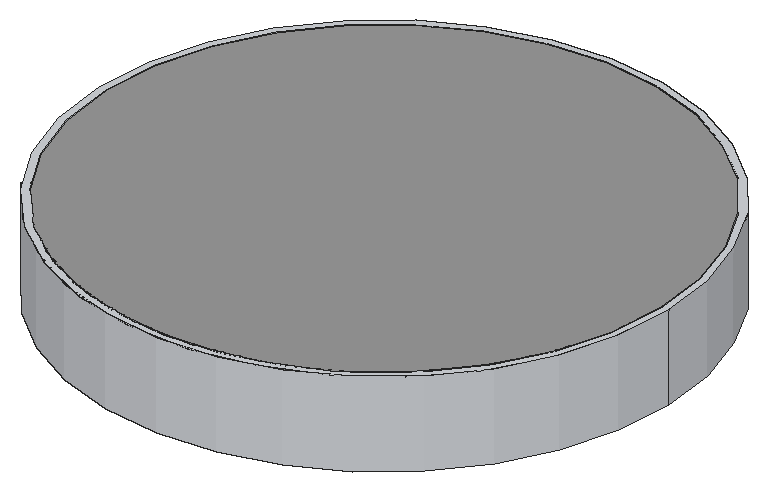
Revit family "2071114", category Lighting Fixtures, host Face, Revit 2018
Family settings
  Host = Face
  Round Connector Dimension = Use Diameter
  Part Type = Normal
  OmniClass Number = 23.80.70.00
  OmniClass Title = Lighting
  Cut with Voids When Loaded = No
  Light Source = Yes
  Shared = No
  Room Calculation Point = No
Parameters (values of type "2071114 COLOSSAL 400 840 OP DIR WHT DALI EM")
  iner diameter = 390 mm
  Weight = "n/a"
  Wattage Comments = ""
  Wattage = 30 W
  WarrantyStartDate [instance] = "n/a"
  WarrantyGuarantorParts = "n/a"
  WarrantyDurationUnit = "n/a"
  WarrantyDurationParts = ""
  WarrantyDescription = "http://www.sylvania-lighting.com"
  built-in parameter 1150110 = 1 (stored number, unit not read)
  Voltage = 230 V
  URL = "0.95"
  TypeName = "COLOSSAL 400mm 840 OPAL DIR WHITE DALI EM"
  Type Image = <None>
  Type Comments = "n/a"
  built-in parameter 1114217 = 1 (stored number, unit not read)
  Tilt Angle = -90.00°
  built-in parameter 1150109 = 1 (stored number, unit not read)
  built-in parameter 1150134 = (empty or 0)
  built-in parameter 1150113 = 1 (stored number, unit not read)
  SerialNumber [instance] = "n/a"
  Photometric Web File = "2071114.ies"
  Material_3_SYL = LED-Sylvania
  PowerFactor = 0
  PowerConsumption = "Lighting"
  NominalLength = 400 mm
  NominalHeight = 93 mm
  NominalDepth = 400 mm
  Name = "COLOSSAL 400mm 840 OPAL DIR WHITE DALI EM"
  ModelReference = Name  # "COLOSSAL 400mm 840 OPAL DIR WHITE DALI EM"
  ModelNumber = "2071114"
  Model = Name  # "COLOSSAL 400mm 840 OPAL DIR WHITE DALI EM"
  Material = "Feilo Sylvania"
  ManufacturerName = "122 lm/W"
  Manufacturer = ""
  LuminousEfficacy = ""
  built-in parameter 1150105 = 270.44 (stored number, unit not read)
  Lumens = 3398.4 lm
  LuminaireType = "0"
  built-in parameter 1150115 = 1 (stored number, unit not read)
  LightOutputRatio = "LED"
  built-in parameter 1150137 = (empty or 0)
  built-in parameter 1150139 = (empty or 0)
  LampsType = Lamp  # "n/a"
  LampNominalLuminous = "4000 K"
  LampMacAdamStep = "80"
  LampColourTemperature = "LED"
  LampColourRenderingIndex = "16500"
  built-in parameter 1150112 = 1 (stored number, unit not read)
  built-in parameter 1150114 = 1 (stored number, unit not read)
  Lamp = "n/a"
  Keynote = "n/a"
  InstallationDate [instance] = "n/a"
  InputVoltage = "0"
  InputNominalFrequency = "4000"
  built-in parameter 1150132 = (empty or 0)
  built-in parameter 1150102 = (empty or 0)
  built-in parameter 1150107 = 3000 (stored number, unit not read)
  built-in parameter 1150138 = (empty or 0)
  IngressProtection = "IfcLightFixtureType"
  ImpactProtectionIndex = "IfcLightFixtureType"
  built-in parameter 1150106 = 2.7044 (stored number, unit not read)
  IfcExportType = "IfcLightFixtureType"
  IfcExportAs = "Class I"
  Emit from Circle Diameter = 385 mm
  Emit Shape Visible in Rendering = no
  ElectricShockClassification = "122"
  built-in parameter 1150104 = 10.524 (stored number, unit not read)
  DocumentationLiterature = "http://www.sylvania-lighting.com/product/en-int/products/2071114"
  DimmingControlOptions = "n/a"
  Material_2_SYL = Polycarbonate_Sylvania_White
  Dimming Lamp Color Temperature Shift = <None>
  Description = "400mm diameter circular architectural luminaire, can be surface mounted or suspended. Powder coated aluminium housing (RAL9016) with polycarbonate opal diffuser. Direct light distribution, 2580lm luminuous flux, 21.2W system power, 122lm/W luminiaire efficacy. DALI dimmable. 3 hours integrated emergency. Colour rendering index Ra >80, 4000K Neutral White LED, chromaticity tolerance of 3-step MacAdam ellipse. IP40, IK03. 450mA drive current. Electrical protection Class1, 220-240V. Reported lifetime 66k hours L90B10."
  Default Elevation = 1219.2 mm
  CreatedOn = "22/03/2022"
  CreatedBy = "@sylvania-lighting.com"
  Cost = 0
  Color Filter = 16777215
  built-in parameter 1114216 [instance] = (empty or 0)
  ClassificationValue = "EF_70_80"
  ClassificationName = "Uniclass2015"
  Material_1_SYL = Polycarbonate_Sylvania_Opal
  BarCode [instance] = "n/a"
  built-in parameter 1114218 = 1 (stored number, unit not read)
  built-in parameter 1150133 = 10 (stored number, unit not read)
  AssetType = "Fixed"
  AssetIdentifier [instance] = "n/a"
  Assembly Code = "D5020200"
  Apparent Load = 21.2 VA
  Material_4_SYL = none
Reference planes
  plane 1 "Center (Front/Back)": y = 0
  plane 2: z = 0
  plane 3 "Center (Left/Right)": x = 0
  plane 4: x = -200
  plane 5: x = 200
  plane 6: y = 200
  plane 7: y = -200
  plane 8: y = 236
  plane 9: y = -236
  plane 10: z = 93
  plane 11: y = 195
  plane 12: y = -195
  plane 13: y = 90.5
  plane 14: y = 144.5
  plane 15: through (52.25, 90.5, 1219.2) normal (0.866, 0.5, 0)
  plane 16: through (52.25, 90.5, 1219.2) normal (0.866, 0.5, 0)
  plane 17: through (63.706, 126.657, 1219.2) normal (0.866, 0.5, 0)
  plane 18: through (-104.5, 0, 1219.2) normal (-0.866, 0.5, 0)
  plane 19: through (-142.394, -9.633, 1219.2) normal (-0.866, 0.5, 0)
  plane 20: y = -90.5
  plane 21: y = -118.5
  plane 22: through (85.371, -141.133, 1219.2) normal (-0.866, 0.5, 0)
  plane 23: through (52.25, -90.5, 1219.2) normal (-0.866, 0.5, 0)
  plane 24: through (-161.658, 0, 1219.2) normal (0.866, 0.5, 0)
  plane 25: through (-172.12, 9.121, 1219.2) normal (0.866, 0.5, 0)
  plane 26: through (-104.5, 0, 1219.2) normal (0.866, 0.5, 0)
Forms (mm)
  Extrusion 1, solid, detail levels medium+fine
    sketch origin (0, 0, 0) x (1, 0, 0) y (0, 1, 0)
      loop
        circle (0, 0) r 200
    from 33.023 to 93
  Extrusion 2, void
    sketch origin (0, 0, 0) x (1, 0, 0) y (0, 1, 0)
      loop
        circle (0, 0) r 195
    from 93 to 37.292
  Extrusion 3, solid, material "Glass, White, High Luminance", detail levels fine
    sketch origin (0, 0, 0) x (1, 0, 0) y (0, 1, 0)
      loop
        circle (0, 0) r 195
    from 88.026 to 93
  Extrusion 4, solid, detail levels coarse
    sketch origin (0, 0, 0) x (1, 0, 0) y (0, 1, 0)
      loop
        line (-200, 200) -> (-200, -200) -> (200, -200) -> (200, 200) -> (-200, 200)
    from 0 to 93
  Blend 5, solid, detail levels medium+fine
    base sketch origin (0, 0, 0) x (1, 0, 0) y (0, 1, 0)
      loop
        line (-52.25, 90.5) -> (-104.5, 0) -> (-52.25, -90.5) -> (52.25, -90.5) -> (104.5, 0) -> (52.25, 90.5) -> (-52.25, 90.5)
    top sketch origin (0, 0, 0) x (1, 0, 0) y (0, 1, 0)
      loop
        line (-53.405, 144.5) -> (-149.245, -21.5) -> (-93.242, -118.5) -> (98.438, -118.5) -> (151.843, -26) -> (53.405, 144.5) -> (-53.405, 144.5)
    from 0 to 33.023
Cuts and joins
  Extrusion 2 cuts Extrusion 1
Dimensions and locks
  "NominalDepth": plane 6 to plane 7
  "NominalLength": plane 4 to plane 5
  equal spacing: plane 4, plane 3 "Center (Left/Right)", plane 5
  "iner diameter": plane 11 to plane 12
  equal spacing: plane 11, plane 1 "Center (Front/Back)", plane 12
  equal spacing: plane 6, plane 1 "Center (Front/Back)", plane 7
  "NominalHeight": plane 10 to level
  plane 19 to plane 18 = 28 mm
  radius of Extrusion 2 sketch curve = 195 mm
  aligned and locked: plane 2 to host face
  aligned and locked: level to host face
Automatic sketch dimensions
  host sketch curve to host sketch curve = 2438.4 mm  (x2)
  plane 1 "Center (Front/Back)" to Extrusion 1 sketch curve = 0 mm
  Extrusion 1 sketch curve to plane 3 "Center (Left/Right)" = 0 mm
  plane 1 "Center (Front/Back)" to Extrusion 2 sketch curve = 0 mm
  Extrusion 2 sketch curve to plane 3 "Center (Left/Right)" = 0 mm
  plane 1 "Center (Front/Back)" to Extrusion 3 sketch curve = 0 mm
  Extrusion 3 sketch curve to plane 3 "Center (Left/Right)" = 0 mm
  Extrusion 4 sketch curve to plane 4 = 0 mm
  Extrusion 4 sketch curve to plane 5 = 0 mm
  Extrusion 4 sketch curve to plane 7 = 0 mm
  Extrusion 4 sketch curve to plane 6 = 0 mm
  Blend 5 sketch curve to plane 19 = 0 mm  (x2)
  Blend 5 sketch curve to plane 24 = 0 mm  (x2)
  Blend 5 sketch curve to plane 21 = 0 mm
  Blend 5 sketch curve to plane 14 = 0 mm
  Blend 5 sketch curve to plane 17 = 0 mm  (x2)
  Blend 5 sketch curve to plane 22 = 0 mm  (x2)
  radius of Extrusion 1 sketch curve = 200 mm
  radius of Extrusion 3 sketch curve = 195 mm
Connectors
  electrical at (0, 0, 0), driven by "Apparent Load", driven by "PowerFactor", driven by "Voltage"
    settings: index 1, voltage 230 V, apparent load 21.2 VA, apparent load phase1 0 VA, apparent load phase2 0 VA, apparent load phase3 0 VA, power factor 0, load classification "Lighting", number of poles 1, system type 30, power factor state 1, is connector primary yes, connector utility no, sub classification motor no, connector description ""
